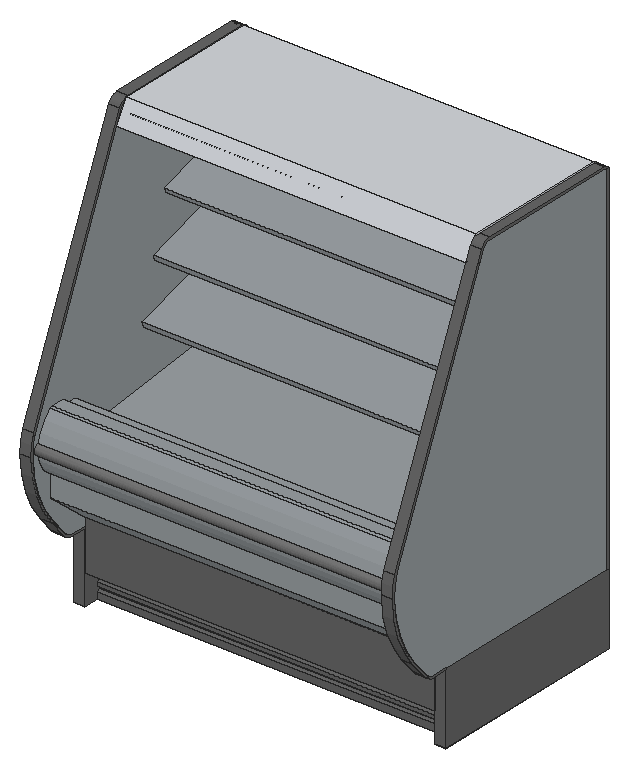
Revit family "ON3.5UM-NRG -All - Linked Data", category Mechanical Equipment, Revit 2019
Family settings
  Round Connector Dimension = Use Radius
  Part Type = Normal
  OmniClass Number = 23.40.40.11.17
  OmniClass Title = Refrigerated Cases
  Work Plane-Based = Yes
  Always vertical = Yes
  Cut with Voids When Loaded = No
  Shared = No
  Room Calculation Point = No
Parameters (values of type "04' Deli")
  Width = 35 7/8"  # constant formula
  URL = "http://www.hillphoenix.com/?s=on3.5um"
  TOP REFRIGERATION PIPING = yes
  TOP ELECTRICAL = yes
  TOEKICK [instance] = BLACK PAINTED METAL
  Standard Power Watts = 11.9 W
  Standard Power Amps = 0.1 A
  STAINLESS STEEL = GALVANIZED STEEL
  Refgn = 7 5/8"
  RT STD END = yes
  REFRIGERATION PIPING = COPPER PIPE
  RUBBER BUMPER [instance] = BLACK
  REAR REFRIGERATION PIPING = yes
  PAINTED METAL UPPER SHELF = PAINTED SHELVES
  PAINTED METAL INTERIOR [instance] = GALVANIZED STEEL
  PAINTED METAL EXTERIOR [instance] = CHARCOAL BROWN
  Model = "ON3.5UM-NRG"  # constant formula
  Manufacturer = "HILL PHOENIX"  # constant formula
  Lights Per Row = 1
  Light Length = "48\""
  Length = 48"
  Legend Number = Model  # "ON3.5UM-NRG"
  LF STD END = yes
  Keynote = ""  # constant formula
  Item Description = Description  # "Narrow Multi-Deck Merchandiser with Synerg-E™"
  Island Timed-Off Termination Temp (°F) = 42 °F  # constant formula
  Island Timed-Off Fail-Safe (Min) = "40 (Min)"  # constant formula
  Island Superheat @ Bulb Set Point (°F) = "6-8 (Min)"  # constant formula
  Island High Efficiency Fans Watts = 14 W
  Island High Efficiency Fans Amps = 0.2 A
  Island Front Sill Height = "All"
  Island Fans Per Case = 1
  Island Evaporator (°F) = 28 °F
  Island Discharge Air(°F) = 31 °F
  Island Discharge Air Velocity (FPM) = 260 FPM  # constant formula
  Island BTUH Parallel = 760
  Island BTUH Conventional = 820
  Island Application = "Dairy / Deli / Produce"
  Island  Case Length = 48"
  How Many Defrosts Per Day = 6  # constant formula
  High Power (Cornice) Watts = 21.5 W
  High Power (Cornice) Amps = 0.18 A
  Height = 53 5/8"  # constant formula
  GLASS = Glass
  EQUIPMENT MARK = Legend Number  # "ON3.5UM-NRG"
  EQUIPMENT DESCRIPTION = Item Description  # "Narrow Multi-Deck Merchandiser with Synerg-E™"
  Description = "Narrow Multi-Deck Merchandiser with Synerg-E™"  # constant formula
  Default Elevation = 48"
  DRAIN PIPING = yes
  DESIGNERS NAME = "SHIDDRAMESH"  # constant formula
  DATE = "04/01/2016"  # constant formula
  Certifications = "NSF 7, UL471, CSA"  # constant formula
  DRAIN LINE = 24"
  BOTTOM REFRIGERATION PIPING = yes
  BOTTOM ELECTRICAL = yes
  BASE [instance] = BLACK PAINTED METAL
  Assembly Code = ""
  16" Shelf = yes
  12" Shelf = yes
  10" Shelf = yes
Types (8): name | Standard Power Watts | Standard Power Amps | Refgn | Lights Per Row | Light Length | Length | Island High Efficiency Fans Watts | Island High Efficiency Fans Amps | Island Front Sill Height | Island Fans Per Case | Island Evaporator (°F) | Island Discharge Air(°F) | Island BTUH Parallel | Island BTUH Conventional | Island Application | Island  Case Length | High Power (Cornice) Watts | High Power (Cornice) Amps | DRAIN LINE
  04' Meat | 11.9 W | 0.1 A | 7 5/8" | 1 | "48\"" | 48" | 14 W | 0.2 A | "Extended" | 1 | 26 °F | 30 °F | 730 | 810 | "Meat" | 48" | 21.5 W | 0.18 A | 24"
  06' Meat | 16.6 W | 0.14 A | 8 5/8" | 2 | "36\"" | 72" | 28 W | 0.4 A | "Extended" | 2 | 26 °F | 30 °F | 730 | 810 | "Meat" | 72" | 29.8 W | 0.25 A | 36"
  08' Deli | 23.8 W | 0.2 A | 8 5/8" | 2 | "48\"" | 96" | 28 W | 0.4 A | "All" | 2 | 28 °F | 31 °F | 760 | 820 | "Dairy / Deli / Produce" | 96" | 43 W | 0.36 A | 48"
  12' Deli | 35.7 W | 0.3 A | 8 5/8" | 3 | "48\"" | 144" | 42 W | 0.6 A | "All" | 3 | 28 °F | 31 °F | 760 | 820 | "Dairy / Deli / Produce" | 144" | 64.5 W | 0.54 A | 72"
  12' Meat | 35.7 W | 0.3 A | 8 5/8" | 3 | "48\"" | 144" | 42 W | 0.6 A | "Extended" | 3 | 26 °F | 30 °F | 730 | 810 | "Meat" | 144" | 64.5 W | 0.54 A | 72"
  04' Deli | 11.9 W | 0.1 A | 7 5/8" | 1 | "48\"" | 48" | 14 W | 0.2 A | "All" | 1 | 28 °F | 31 °F | 760 | 820 | "Dairy / Deli / Produce" | 48" | 21.5 W | 0.18 A | 24"
  06' Deli | 16.6 W | 0.14 A | 8 5/8" | 2 | "36\"" | 72" | 28 W | 0.4 A | "All" | 2 | 28 °F | 31 °F | 760 | 820 | "Dairy / Deli / Produce" | 72" | 29.8 W | 0.25 A | 36"
  08' Meat | 23.8 W | 0.2 A | 8 5/8" | 2 | "48\"" | 96" | 28 W | 0.4 A | "Extended" | 2 | 26 °F | 30 °F | 760 | 810 | "Meat" | 96" | 43 W | 0.36 A | 48"
Reference planes (in)
  plane 1: z = 0.01963
  plane 2 "LEFT": x = 0
  plane 3 "CASE RIGHT": x = 48
  plane 4: z = 0
  plane 5: y = -15.80744
  plane 6: x = 49.5
  plane 7: x = 24
  plane 8: y = -51.68244
  plane 9: x = 41.875
  plane 10: z = 17.61909
  plane 11: through (-240, -50.14532, 24.02425) normal (0, 0.5, 0.866)
  plane 12: through (-240, -41.68072, 53.77823) normal (0, 0.5, 0.866)
Forms (in)
  Extrusion 1, solid, material "BLACK PAINTED METAL" <- "BASE"
    sketch origin (0, 0, 0) x (0, 1, 0) y (0, 0, 1)
      loop
        line (-15.80744, -5.25) -> (-15.80744, 5.75) -> (-40.18244, 5.75) -> (-40.18244, -5.25) -> (-38.29546, -5.25) -> (-38.29546, -1.23578) -> (-17.58744, -1.23578) -> (-17.58744, -5.25) -> (-15.80744, -5.25)
    from 0 to 48
  Extrusion 2, solid, material "CHARCOAL BROWN" <- "PAINTED METAL EXTERIOR"
    sketch origin (0, 0, 0.625) x (0, 1, 0) y (0, 0, 1)
      loop
        line (-17.85264, 50.40625) -> (-17.85264, 8.47315) -> (-35.86876, 7.84401) -> (-37.91586, 6.24207) -> (-40.26901, 6.1599) -> (-42.38838, 7.61472) -> (-42.63135, 7.60624) -> (-46.91613, 11.20159) -> (-46.91613, 15.37312) -> (-48.92433, 15.37312) -> (-48.92433, 10.07189) -> (-43.02886, 5.125) -> (-15.80744, 5.125) -> (-15.80744, 50.40625) -> (-17.85264, 50.40625)
    from 0 to 48
  Extrusion 3, solid, material "PAINTED SHELVES" <- "PAINTED METAL UPPER SHELF"
    sketch origin (0, 0, 0.625) x (0, 1, 0) y (0, 0, 1)
      loop
        line (-17.85264, 18.125) -> (-19.86713, 18.125) -> (-19.86713, 18.65532)
        arc (-19.86713, 18.65532) -> (-20.01589, 18.29619) -> (-20.37502, 18.14743) r 0.50789
        line (-20.37502, 18.14743) -> (-23.64229, 17.91896) -> (-23.64229, 18.125) -> (-39.74386, 16.19593) -> (-40.64855, 15.87312) -> (-44.74213, 15.87312) -> (-44.74213, 20.48987) -> (-46.91613, 20.48987) -> (-46.91613, 15.37312) -> (-46.91613, 11.20159) -> (-42.63135, 7.60624) -> (-42.38838, 7.61472) -> (-40.26901, 6.1599) -> (-37.91586, 6.24207) -> (-35.86876, 7.84401) -> (-17.85264, 8.47315) -> (-17.85264, 18.125)
    from 0 to 48
  Extrusion 4, solid, material "GALVANIZED STEEL" <- "STAINLESS STEEL"
    sketch origin (0, 0, 0.625) x (0, 1, 0) y (0, 0, 1)
      loop
        line (-17.85264, 50.40625) -> (-19.86713, 50.40625) -> (-19.86713, 18.125) -> (-17.85264, 18.125) -> (-17.85264, 50.40625)
    from 0 to 48
  Extrusion 5, solid, material "CHARCOAL BROWN" <- "PAINTED METAL EXTERIOR", visible <- "TOP REFRIGERATION PIPING"
    sketch origin (0, 0, 0) x (1, 0, 0) y (0, 1, 0)
      loop
        line (45, -15.80744) -> (45, -12.80744) -> (34, -12.80744) -> (34, -15.80744) -> (34.125, -15.80744) -> (34.125, -12.93244) -> (44.875, -12.93244) -> (44.875, -15.80744) -> (45, -15.80744)
    from 20.57529 to 48.54178
  Extrusion 6, solid, material "COPPER PIPE" <- "REFRIGERATION PIPING", visible <- "TOP REFRIGERATION PIPING"
    sketch origin (0, 0, 0) x (1, 0, 0) y (0, 1, 0)
      loop
        circle (40.125, -14.43244) r 0.375
      loop
        circle (43.125, -14.43244) r 0.5
    from 42.14545 to 49.48175
  Extrusion 7, solid, material "BLACK PAINTED METAL" <- "BASE"
    sketch origin (0, -10.26223, 0.57549) x (0, 1, 0) y (0, 0, 1)
      loop
        line (-29.92021, -5.82088) -> (-29.92021, 5.17451) -> (-32.77465, 5.17451) -> (-32.77465, -1.70662) -> (-30.20971, -1.70662) -> (-30.33735, -2.14331)
        arc (-30.33735, -2.14331) -> (-30.44381, -2.40033) -> (-30.70084, -2.50679) r 0.36349
        line (-30.70084, -2.50679) -> (-30.70084, -3.01978) -> (-30.20971, -2.926) -> (-30.33793, -3.36454)
        arc (-30.33793, -3.36454) -> (-30.44423, -3.62116) -> (-30.70084, -3.72745) r 0.3629
        line (-30.70084, -3.72745) -> (-30.70084, -4.23916) -> (-30.20971, -4.14538) -> (-30.33804, -4.58427)
        arc (-30.33804, -4.58427) -> (-30.45557, -4.79458) -> (-30.6529, -4.93278) r 0.5396
        line (-30.6529, -4.93278) -> (-30.6529, -5.82088) -> (-29.92021, -5.82088)
    from 0 to 48
  Extrusion 8, solid, material "CHARCOAL BROWN" <- "PAINTED METAL EXTERIOR"
    sketch origin (0, -14.20072, 0.57088) x (0, 1, 0) y (0, 0, 1)
      loop
        line (-32.63133, 21.30304) -> (-34.42533, 21.30304)
        arc (-34.42533, 21.30304) -> (-34.65339, 21.25995) -> (-34.84999, 21.13661) r 0.625
        arc (-34.84999, 21.13661) -> (-36.15747, 19.49787) -> (-36.92093, 17.54541) r 6.99854
        arc (-36.92093, 17.54541) -> (-36.68876, 15.5484) -> (-35.68878, 13.80428) r 5
        line (-35.68878, 13.80428) -> (-34.72361, 13.80428) -> (-34.72361, 15.42724) -> (-32.71541, 15.42724) -> (-32.71541, 20.54398) -> (-32.63133, 20.54398) -> (-32.63133, 21.30304)
    from 0 to 48
  Extrusion 9, solid, material "PAINTED SHELVES" <- "PAINTED METAL UPPER SHELF", visible <- "16" Shelf"
    sketch origin (0, 0, 16.88105) x (0, 1, 0) y (0, 0, 1)
      loop
        line (-19.86713, 12.55914) -> (-33.25539, 8.46593) -> (-33.05669, 7.81599) -> (-29.05803, 9.0385) -> (-28.8727, 8.82073) -> (-23.43598, 9.76521)
        arc (-23.43598, 9.76521) -> (-22.74409, 9.78813) -> (-22.07243, 9.62041) r 2.5
        line (-22.07243, 9.62041) -> (-21.23403, 9.28204)
        arc (-21.23403, 9.28204) -> (-20.89471, 9.20998) -> (-20.55118, 9.25817) r 1
        line (-20.55118, 9.25817) -> (-19.86713, 9.48009) -> (-19.86713, 12.55914)
    from 0 to 48
  Extrusion 10, solid, material "PAINTED SHELVES" <- "PAINTED METAL UPPER SHELF", visible <- "10" Shelf"
    sketch origin (0, 0, -5.63729) x (0, 1, 0) y (0, 0, 1)
      loop
        line (-19.86713, 38.76898) -> (-19.86713, 41.84803) -> (-31.34279, 38.33957) -> (-31.14408, 37.68962) -> (-29.05803, 38.32738) -> (-28.8727, 38.10961) -> (-23.43598, 39.0541)
        arc (-23.43598, 39.0541) -> (-22.74409, 39.07701) -> (-22.07243, 38.9093) r 2.5
        line (-22.07243, 38.9093) -> (-21.23403, 38.57093)
        arc (-21.23403, 38.57093) -> (-20.89471, 38.49886) -> (-20.55118, 38.54706) r 1
        line (-20.55118, 38.54706) -> (-19.86713, 38.76898)
    from 0 to 48
  Extrusion 11, solid, material "CHARCOAL BROWN" <- "PAINTED METAL EXTERIOR", visible <- "LF STD END"
    sketch origin (17.5, 0, 0) x (0, 1, 0) y (0, 0, 1)
      loop
        line (-15.43244, 4.5) -> (-15.43244, 53.43143)
        arc (-15.43244, 53.43143) -> (-15.56236, 53.74508) -> (-15.87601, 53.875) r 0.44357
        line (-15.87601, 53.875) -> (-35.57535, 53.875)
        arc (-35.57535, 53.875) -> (-36.2571, 53.67272) -> (-36.71821, 53.13134) r 1.25
        line (-36.71821, 53.13134) -> (-51.36968, 20.06124)
        arc (-51.36968, 20.06124) -> (-51.77621, 18.55509) -> (-51.9326, 17.0029) r 9.56933
        arc (-51.9326, 17.0029) -> (-51.00228, 12.02562) -> (-48.45558, 7.64919) r 14.86784
        line (-48.45558, 7.64919) -> (-46.48749, 5.30373)
        arc (-46.48749, 5.30373) -> (-45.9835, 4.85922) -> (-45.37071, 4.58337) r 2.25
        line (-45.37071, 4.58337) -> (-43.03688, 4.58337) -> (-43.03688, 4.5) -> (-15.43244, 4.5)
    from -17.5 to -19
  Extrusion 12, solid, material "BLACK PAINTED METAL" <- "BASE", visible <- "LF STD END"
    sketch origin (17.5, 0, 0) x (0, 1, 0) y (0, 0, 1)
      loop
        line (-46.48749, 5.30373) -> (-48.45558, 7.64919)
        arc (-48.45558, 7.64919) -> (-51.00228, 12.02562) -> (-51.9326, 17.0029) r 14.86784
        arc (-51.9326, 17.0029) -> (-51.77621, 18.55509) -> (-51.36968, 20.06124) r 9.56933
        line (-51.36968, 20.06124) -> (-36.71821, 53.13134)
        arc (-36.71821, 53.13134) -> (-36.2571, 53.67272) -> (-35.57535, 53.875) r 1.25
        line (-35.57535, 53.875) -> (-15.87601, 53.875)
        arc (-15.87601, 53.875) -> (-15.56236, 53.74508) -> (-15.43244, 53.43143) r 0.44357
        line (-15.43244, 53.43143) -> (-15.43244, 4.5) -> (-15.18244, 4.5) -> (-15.18244, 53.43143)
        arc (-15.18244, 53.43143) -> (-15.38558, 53.92186) -> (-15.87601, 54.125) r 0.69357
        line (-15.87601, 54.125) -> (-35.54112, 54.125)
        arc (-35.54112, 54.125) -> (-36.35923, 53.88226) -> (-36.91255, 53.2326) r 1.5
        line (-36.91255, 53.2326) -> (-51.71553, 19.82055)
        arc (-51.71553, 19.82055) -> (-52.05203, 18.42911) -> (-52.18263, 17.00353) r 9.81933
        arc (-52.18263, 17.00353) -> (-51.23732, 11.94041) -> (-48.64709, 7.4885) r 15.11784
        line (-48.64709, 7.4885) -> (-46.67901, 5.14303)
        arc (-46.67901, 5.14303) -> (-46.08957, 4.63043) -> (-45.37071, 4.32476) r 2.5
        line (-45.37071, 4.32476) -> (-43.03688, 4.32476) -> (-43.03688, 4.58337) -> (-45.37071, 4.58337)
        arc (-45.37071, 4.58337) -> (-45.9835, 4.85922) -> (-46.48749, 5.30373) r 2.25
    from -17.5 to -19
  Extrusion 13, solid, material "BLACK PAINTED METAL" <- "BASE", visible <- "LF STD END"
    sketch origin (17.5, 0, 0) x (0, 1, 0) y (0, 0, 1)
      loop
        line (-43.03688, 4.5) -> (-43.03688, -5.25) -> (-15.18244, -5.25) -> (-15.18244, 4.5) -> (-43.03688, 4.5)
    from -17.5 to -19
  Extrusion 14, solid, material "BLACK" <- "RUBBER BUMPER"
    sketch origin (0, -0.07513, 0.652) x (0, 1, 0) y (0, 0, 1)
      loop
        arc (-51.00355, 16.24808) -> (-51.06218, 16.85487) -> (-51.04652, 17.46429) r 5
        arc (-51.04652, 17.46429) -> (-51.02136, 17.57161) -> (-50.99451, 17.67851) r 6.99854
        arc (-50.99451, 17.67851) -> (-51.59848, 16.96708) -> (-51.00355, 16.24808) r 0.72641
    from 0 to 48
  Extrusion 15, solid, material "BLACK PAINTED METAL" <- "BASE", visible <- "RT STD END"
    sketch origin (132.5, 0, 0) x (0, 1, 0) y (0, 0, 1)
      loop
        line (-43.03688, 4.5) -> (-43.03688, -5.25) -> (-15.18244, -5.25) -> (-15.18244, 4.5) -> (-43.03688, 4.5)
    from -83 to -84.5
  Extrusion 16, solid, material "GALVANIZED STEEL" <- "PAINTED METAL INTERIOR"
    sketch origin (0, 10.01005, 43.90134) x (0, 0.553738, 0.832691) y (0, -0.832691, 0.553738)
      loop
        line (-15.12893, 38.67334) -> (-16.07147, 38.53772) -> (-15.47248, 34.58818) -> (-14.55997, 34.72658) -> (-15.12893, 38.67334)
    from 0 to 48
  Extrusion 17, solid
    sketch origin (0, 52.11633, -12.92766) x (0, 1, 0) y (0, 0, 1)
      loop
        line (-67.96897, 67.08391) -> (-88.09397, 67.08391) -> (-89.72402, 64.26057) -> (-89.45637, 64.10605) -> (-88.36998, 65.98773) -> (-87.4543, 65.98773) -> (-84.14499, 64.84824) -> (-83.1691, 64.67616) -> (-79.44441, 62.93931) -> (-78.96897, 63.95891) -> (-67.96897, 63.95891) -> (-67.96897, 67.08391)
      loop
        circle (-86.94344, 65.06764) r 0.5625
      loop
        circle (-85.56021, 64.56419) r 0.5625
    from 0 to 48
  Extrusion 18, solid, material "CHARCOAL BROWN" <- "PAINTED METAL EXTERIOR", visible <- "LF STD END"
    sketch origin (184.5, 0, 0) x (0, 1, 0) y (0, 0, 1)
      loop
        line (-15.43244, 4.5) -> (-15.43244, 53.43143)
        arc (-15.43244, 53.43143) -> (-15.56236, 53.74508) -> (-15.87601, 53.875) r 0.44357
        line (-15.87601, 53.875) -> (-35.57535, 53.875)
        arc (-35.57535, 53.875) -> (-36.2571, 53.67272) -> (-36.71821, 53.13134) r 1.25
        line (-36.71821, 53.13134) -> (-51.36968, 20.06124)
        arc (-51.36968, 20.06124) -> (-51.77621, 18.55509) -> (-51.9326, 17.0029) r 9.56933
        arc (-51.9326, 17.0029) -> (-51.00228, 12.02562) -> (-48.45558, 7.64919) r 14.86784
        line (-48.45558, 7.64919) -> (-46.48749, 5.30373)
        arc (-46.48749, 5.30373) -> (-45.9835, 4.85922) -> (-45.37071, 4.58337) r 2.25
        line (-45.37071, 4.58337) -> (-43.03688, 4.58337) -> (-43.03688, 4.5) -> (-15.43244, 4.5)
    from -135 to -136.5
  Extrusion 19, solid, material "BLACK PAINTED METAL" <- "BASE", visible <- "LF STD END"
    sketch origin (184.5, 0, 0) x (0, 1, 0) y (0, 0, 1)
      loop
        line (-46.48749, 5.30373) -> (-48.45558, 7.64919)
        arc (-48.45558, 7.64919) -> (-51.00228, 12.02562) -> (-51.9326, 17.0029) r 14.86784
        arc (-51.9326, 17.0029) -> (-51.77621, 18.55509) -> (-51.36968, 20.06124) r 9.56933
        line (-51.36968, 20.06124) -> (-36.71821, 53.13134)
        arc (-36.71821, 53.13134) -> (-36.2571, 53.67272) -> (-35.57535, 53.875) r 1.25
        line (-35.57535, 53.875) -> (-15.87601, 53.875)
        arc (-15.87601, 53.875) -> (-15.56236, 53.74508) -> (-15.43244, 53.43143) r 0.44357
        line (-15.43244, 53.43143) -> (-15.43244, 4.5) -> (-15.18244, 4.5) -> (-15.18244, 53.43143)
        arc (-15.18244, 53.43143) -> (-15.38558, 53.92186) -> (-15.87601, 54.125) r 0.69357
        line (-15.87601, 54.125) -> (-35.54112, 54.125)
        arc (-35.54112, 54.125) -> (-36.35923, 53.88226) -> (-36.91255, 53.2326) r 1.5
        line (-36.91255, 53.2326) -> (-51.71553, 19.82055)
        arc (-51.71553, 19.82055) -> (-52.05203, 18.42911) -> (-52.18263, 17.00353) r 9.81933
        arc (-52.18263, 17.00353) -> (-51.23732, 11.94041) -> (-48.64709, 7.4885) r 15.11784
        line (-48.64709, 7.4885) -> (-46.67901, 5.14303)
        arc (-46.67901, 5.14303) -> (-46.08957, 4.63043) -> (-45.37071, 4.32476) r 2.5
        line (-45.37071, 4.32476) -> (-43.03688, 4.32476) -> (-43.03688, 4.58337) -> (-45.37071, 4.58337)
        arc (-45.37071, 4.58337) -> (-45.9835, 4.85922) -> (-46.48749, 5.30373) r 2.25
    from -135 to -136.5
  Extrusion 20, solid, material "BLACK PAINTED METAL" <- "BASE", visible <- "LF STD END"
    sketch origin (184.5, 0, 0) x (0, 1, 0) y (0, 0, 1)
      loop
        line (-43.03688, 4.5) -> (-43.03688, -5.25) -> (-15.18244, -5.25) -> (-15.18244, 4.5) -> (-43.03688, 4.5)
    from -135 to -136.5
  Extrusion 21, solid, material "PAINTED SHELVES" <- "PAINTED METAL UPPER SHELF", visible <- "10" Shelf"
    sketch origin (0, 0.32683, -1.90156) x (0, 1, 0) y (0, 0, 1)
      loop
        arc (-23.76282, 42.20482) -> (-23.07092, 42.22773) -> (-22.39927, 42.06002) r 2.5
        line (-22.39927, 42.06002) -> (-21.56087, 41.72165)
        arc (-21.56087, 41.72165) -> (-21.22154, 41.64958) -> (-20.87802, 41.69778) r 1
        line (-20.87802, 41.69778) -> (-20.19396, 41.9197) -> (-20.19396, 44.99874) -> (-29.75701, 42.07503) -> (-29.5583, 41.42508) -> (-27.41839, 42.07931) -> (-27.16119, 41.77709) -> (-23.76282, 42.20482)
    from 0 to 48
Dimensions and locks (in)
  "Length": plane 2 "LEFT" to plane 3 "CASE RIGHT"
  "DRAIN LINE": plane 2 "LEFT" to plane 7
  locked: plane 3 "CASE RIGHT" to plane 6 at 1.5
  "Width": plane 5 to plane 8
  "Refgn": plane 9 to plane 6
  locked: Extrusion 19 to Extrusion 19 at 1.5
  locked: Extrusion 18 to Extrusion 18 at 1.5
  locked: Extrusion 20 to Extrusion 20 at 1.5
  Extrusion 1 to Extrusion 7 = 25.1077"
  Extrusion 1 to Extrusion 7 = 24 3/8"
  Extrusion 13 to Extrusion 8 = 27.12393"
  Extrusion 13 to plane 10 = 22.86909"
  Extrusion 4 to Extrusion 3 = 24 7/8"
  Extrusion 21 to Extrusion 21 = 10"
  Extrusion 4 to Extrusion 17 = 32 9/32"
  Extrusion 13 to Extrusion 17 = 59 13/32"
  Extrusion 13 to Extrusion 2 = 11"
  Extrusion 17 to Extrusion 17 = 21.75505"
  Extrusion 17 to Extrusion 17 = 20 1/8"
  plane 12 to plane 11 = 30"
  Extrusion 10 to Extrusion 10 = 12"
  Extrusion 9 to Extrusion 9 = 14"
  aligned and locked: plane 3 "CASE RIGHT" to Extrusion 4
  aligned and locked: plane 3 "CASE RIGHT" to Extrusion 3
  aligned and locked: plane 3 "CASE RIGHT" to Extrusion 2
  aligned and locked: plane 3 "CASE RIGHT" to Extrusion 1
  aligned and locked: Extrusion 8 to Extrusion 7
  aligned and locked: plane 3 "CASE RIGHT" to Extrusion 8
  aligned and locked: plane 3 "CASE RIGHT" to Extrusion 9
  aligned and locked: plane 3 "CASE RIGHT" to Extrusion 10
  aligned and locked: plane 3 "CASE RIGHT" to Extrusion 14
  aligned and locked: Extrusion 15 to plane 3 "CASE RIGHT"
  aligned and locked: plane 6 to Extrusion 15
  aligned and locked: plane 3 "CASE RIGHT" to Extrusion 17
  aligned and locked: Extrusion 19 to plane 3 "CASE RIGHT"
  aligned and locked: Extrusion 18 to plane 3 "CASE RIGHT"
  aligned and locked: Extrusion 20 to plane 3 "CASE RIGHT"
  aligned and locked: plane 3 "CASE RIGHT" to Extrusion 16
  aligned and locked: plane 3 "CASE RIGHT" to Extrusion 21
Automatic sketch dimensions
  Extrusion 1 sketch curve to plane 5 = 0"
  plane 5 to Extrusion 1 sketch curve = 1.78"
  Extrusion 1 sketch curve to level = 1.23578"
  Extrusion 1 sketch curve to plane 8 = 13.38698"
  Extrusion 1 sketch curve to Extrusion 1 sketch curve = 1.88698"
  Extrusion 1 sketch curve to Extrusion 1 sketch curve = 4.01422"  (x2)
  plane 1 to Extrusion 1 sketch curve = 5.73037"
  Extrusion 2 sketch curve to plane 5 = 0"
  plane 5 to Extrusion 2 sketch curve = 2.0452"
  Extrusion 2 sketch curve to plane 8 = 15.81368"
  plane 1 to Extrusion 2 sketch curve = 6.84744"
  Extrusion 2 sketch curve to Extrusion 2 sketch curve = 2.0471"
  Extrusion 2 sketch curve to Extrusion 2 sketch curve = 2.35315"
  Extrusion 2 sketch curve to Extrusion 2 sketch curve = 2.11937"
  Extrusion 2 sketch curve to Extrusion 2 sketch curve = 0.24297"
  Extrusion 2 sketch curve to Extrusion 2 sketch curve = 0.3975"
  Extrusion 2 sketch curve to plane 8 = 4.76631"
  Extrusion 2 sketch curve to Extrusion 2 sketch curve = 2.0082"
  Extrusion 2 sketch curve to Extrusion 2 sketch curve = 0.08217"
  plane 1 to Extrusion 2 sketch curve = 5.73037"
  Extrusion 2 sketch curve to Extrusion 2 sketch curve = 2.48124"
  Extrusion 2 sketch curve to Extrusion 2 sketch curve = 0.00848"
  Extrusion 2 sketch curve to Extrusion 2 sketch curve = 1.60194"
  Extrusion 2 sketch curve to Extrusion 2 sketch curve = 3.34815"
  Extrusion 2 sketch curve to Extrusion 2 sketch curve = 2.46565"
  Extrusion 2 sketch curve to Extrusion 2 sketch curve = 1.1297"
  Extrusion 2 sketch curve to Extrusion 2 sketch curve = 4.17153"
  Extrusion 3 sketch curve to plane 8 = 4.76631"
  Extrusion 3 sketch curve to Extrusion 3 sketch curve = 2.174"
  Extrusion 3 sketch curve to Extrusion 3 sketch curve = 4.28477"
  Extrusion 3 sketch curve to Extrusion 3 sketch curve = 0.24297"
  Extrusion 3 sketch curve to Extrusion 3 sketch curve = 4.09358"
  Extrusion 3 sketch curve to Extrusion 3 sketch curve = 2.11937"
  Extrusion 3 sketch curve to Extrusion 3 sketch curve = 0.90469"
  plane 1 to Extrusion 3 sketch curve = 6.84744"
  Extrusion 3 sketch curve to Extrusion 3 sketch curve = 2.35315"
  Extrusion 3 sketch curve to Extrusion 3 sketch curve = 2.0471"
  plane 5 to Extrusion 3 sketch curve = 7.83485"
  Extrusion 3 sketch curve to Extrusion 3 sketch curve = 3.26727"
  Extrusion 3 sketch curve to Extrusion 3 sketch curve = 0"  (x2)
  Extrusion 3 sketch curve to Extrusion 3 sketch curve = 0.50789"  (x2)
  plane 5 to Extrusion 3 sketch curve = 2.0452"
  Extrusion 3 sketch curve to Extrusion 3 sketch curve = 0.08217"
  Extrusion 3 sketch curve to Extrusion 3 sketch curve = 1.44634"
  Extrusion 3 sketch curve to Extrusion 3 sketch curve = 0.00848"
  Extrusion 3 sketch curve to Extrusion 3 sketch curve = 1.60194"
  plane 1 to Extrusion 3 sketch curve = 9.07852"
  Extrusion 3 sketch curve to Extrusion 3 sketch curve = 3.59535"
  Extrusion 3 sketch curve to Extrusion 3 sketch curve = 4.17153"
  Extrusion 3 sketch curve to Extrusion 3 sketch curve = 1/2"
  Extrusion 3 sketch curve to Extrusion 3 sketch curve = 0.32281"
  Extrusion 3 sketch curve to Extrusion 3 sketch curve = 9.65185"
  Extrusion 3 sketch curve to Extrusion 3 sketch curve = 0.20604"  (x2)
  Extrusion 3 sketch curve to Extrusion 3 sketch curve = 0.02243"
  Extrusion 3 sketch curve to Extrusion 3 sketch curve = 4.61675"
  plane 5 to Extrusion 4 sketch curve = 4.05969"
  plane 5 to Extrusion 4 sketch curve = 2.0452"
  plane 1 to Extrusion 4 sketch curve = 18.73037"
  plane 5 to Extrusion 5 sketch curve = 0"  (x2)
  Extrusion 5 sketch curve to plane 9 = 7 7/8"
  Extrusion 5 sketch curve to Extrusion 5 sketch curve = 1/8"  (x3)
  Extrusion 5 sketch curve to plane 3 "CASE RIGHT" = 3 1/8"
  Extrusion 5 sketch curve to plane 5 = 2 7/8"
  Extrusion 6 sketch curve to plane 9 = 1 3/4"
  plane 9 to Extrusion 6 sketch curve = 1 1/4"
  Extrusion 6 sketch curve to plane 5 = 1 3/8"  (x2)
  Extrusion 7 sketch curve to level = 1.13113"
  Extrusion 7 sketch curve to plane 8 = 8.64556"
  Extrusion 7 sketch curve to Extrusion 7 sketch curve = 1.91869"
  Extrusion 7 sketch curve to Extrusion 7 sketch curve = 2.07381"
  Extrusion 7 sketch curve to Extrusion 7 sketch curve = 0"
  Extrusion 7 sketch curve to Extrusion 7 sketch curve = 0.20305"
  Extrusion 7 sketch curve to level = 4.00878"
  Extrusion 7 sketch curve to Extrusion 7 sketch curve = 0.31486"
  Extrusion 7 sketch curve to level = 2 101/128"
  Extrusion 7 sketch curve to Extrusion 7 sketch curve = 0.3629"
  Extrusion 7 sketch curve to level = 1.56781"
  Extrusion 7 sketch curve to Extrusion 7 sketch curve = 0.36349"
  Extrusion 7 sketch curve to level = 2.35051"
  Extrusion 7 sketch curve to Extrusion 7 sketch curve = 0.12822"
  Extrusion 7 sketch curve to level = 3.56989"
  Extrusion 7 sketch curve to Extrusion 7 sketch curve = 0.12833"
  Extrusion 7 sketch curve to Extrusion 7 sketch curve = 0.12764"
  Extrusion 7 sketch curve to Extrusion 7 sketch curve = 2.85444"
  Extrusion 7 sketch curve to Extrusion 7 sketch curve = 0.3485"
  Extrusion 7 sketch curve to Extrusion 7 sketch curve = 0.88811"
  Extrusion 7 sketch curve to Extrusion 7 sketch curve = 0.19368"
  Extrusion 7 sketch curve to Extrusion 7 sketch curve = 0.34476"
  plane 1 to Extrusion 7 sketch curve = 5.73037"
  Extrusion 8 sketch curve to plane 8 = 1.79294"
  Extrusion 8 sketch curve to Extrusion 8 sketch curve = 0.96517"
  Extrusion 8 sketch curve to plane 8 = 3.05639"
  Extrusion 8 sketch curve to Extrusion 8 sketch curve = 1.70993"
  Extrusion 8 sketch curve to Extrusion 8 sketch curve = 0.08408"
  Extrusion 8 sketch curve to Extrusion 8 sketch curve = 0.7757"
  Extrusion 8 sketch curve to Extrusion 8 sketch curve = 1.84493"
  plane 1 to Extrusion 8 sketch curve = 14.35553"
  Extrusion 8 sketch curve to Extrusion 8 sketch curve = 1.62296"
  Extrusion 8 sketch curve to Extrusion 8 sketch curve = 0.57446"
  Extrusion 8 sketch curve to Extrusion 8 sketch curve = 1.68528"
  Extrusion 8 sketch curve to Extrusion 8 sketch curve = 3.43147"
  Extrusion 8 sketch curve to Extrusion 8 sketch curve = 0.13406"
  Extrusion 8 sketch curve to Extrusion 8 sketch curve = 0.75906"
  Extrusion 8 sketch curve to plane 8 = 0.56079"
  plane 5 to Extrusion 9 sketch curve = 17.44796"
  Extrusion 9 sketch curve to Extrusion 9 sketch curve = 0.19871"
  Extrusion 9 sketch curve to Extrusion 9 sketch curve = 3.99865"
  Extrusion 9 sketch curve to Extrusion 9 sketch curve = 0.18533"
  Extrusion 9 sketch curve to Extrusion 9 sketch curve = 5.43672"
  Extrusion 9 sketch curve to Extrusion 9 sketch curve = 0.4279"
  Extrusion 9 sketch curve to Extrusion 9 sketch curve = 1.36355"
  Extrusion 9 sketch curve to Extrusion 9 sketch curve = 0.8384"
  Extrusion 9 sketch curve to Extrusion 9 sketch curve = 0.37426"
  Extrusion 9 sketch curve to Extrusion 9 sketch curve = 0.68285"
  Extrusion 9 sketch curve to Extrusion 9 sketch curve = 0.99264"
  plane 1 to Extrusion 9 sketch curve = 24.16352"
  Extrusion 9 sketch curve to Extrusion 9 sketch curve = 0.51388"
  Extrusion 9 sketch curve to Extrusion 9 sketch curve = 0.64995"
  Extrusion 9 sketch curve to Extrusion 9 sketch curve = 0.21777"
  Extrusion 9 sketch curve to Extrusion 9 sketch curve = 1.95607"
  Extrusion 9 sketch curve to Extrusion 9 sketch curve = 0.02387"
  Extrusion 9 sketch curve to Extrusion 9 sketch curve = 0.22192"
  Extrusion 9 sketch curve to Extrusion 9 sketch curve = 0.33837"
  plane 5 to Extrusion 10 sketch curve = 15.53535"
  Extrusion 10 sketch curve to Extrusion 10 sketch curve = 0.19871"
  Extrusion 10 sketch curve to Extrusion 10 sketch curve = 2.08604"
  Extrusion 10 sketch curve to Extrusion 10 sketch curve = 0.18533"
  Extrusion 10 sketch curve to Extrusion 10 sketch curve = 5.43672"
  Extrusion 10 sketch curve to Extrusion 10 sketch curve = 0.4279"
  Extrusion 10 sketch curve to Extrusion 10 sketch curve = 1.36355"
  Extrusion 10 sketch curve to Extrusion 10 sketch curve = 0.8384"
  Extrusion 10 sketch curve to Extrusion 10 sketch curve = 0.37426"
  Extrusion 10 sketch curve to Extrusion 10 sketch curve = 0.68285"
  Extrusion 10 sketch curve to Extrusion 10 sketch curve = 0.99264"
  Extrusion 10 sketch curve to Extrusion 10 sketch curve = 1.09863"
  Extrusion 10 sketch curve to Extrusion 10 sketch curve = 0.42"
  Extrusion 10 sketch curve to Extrusion 10 sketch curve = 0.64995"
  Extrusion 10 sketch curve to Extrusion 10 sketch curve = 1.95607"
  Extrusion 10 sketch curve to Extrusion 10 sketch curve = 0.02387"
  Extrusion 10 sketch curve to Extrusion 10 sketch curve = 0.22192"
  Extrusion 10 sketch curve to Extrusion 10 sketch curve = 0.33837"
  Extrusion 11 sketch curve to plane 8 = 0.31275"
  Extrusion 11 sketch curve to plane 8 = 3.22686"
  Extrusion 11 sketch curve to Extrusion 11 sketch curve = 1.96808"
  Extrusion 11 sketch curve to Extrusion 11 sketch curve = 1.11679"
  Extrusion 11 sketch curve to Extrusion 11 sketch curve = 1.7236"
  Extrusion 11 sketch curve to Extrusion 11 sketch curve = 2.33383"
  Extrusion 11 sketch curve to plane 8 = 9.31747"
  Extrusion 11 sketch curve to Extrusion 11 sketch curve = 5.29882"
  Extrusion 11 sketch curve to plane 8 = 14.96423"
  Extrusion 11 sketch curve to Extrusion 11 sketch curve = 1.14286"
  plane 5 to Extrusion 11 sketch curve = 0.06857"
  Extrusion 11 sketch curve to plane 5 = 3/8"
  plane 1 to Extrusion 11 sketch curve = 20.04161"
  Extrusion 11 sketch curve to Extrusion 11 sketch curve = 2.85518"
  Extrusion 11 sketch curve to Extrusion 11 sketch curve = 0.3832"
  level to Extrusion 11 sketch curve = 7.64919"
  Extrusion 11 sketch curve to Extrusion 11 sketch curve = 0.89919"
  Extrusion 11 sketch curve to Extrusion 11 sketch curve = 1.44627"
  plane 1 to Extrusion 11 sketch curve = 4.48037"
  Extrusion 12 sketch curve to Extrusion 12 sketch curve = 0"  (x11)
  plane 8 to Extrusion 12 sketch curve = 0.03309"
  Extrusion 12 sketch curve to plane 8 = 0.31275"
  Extrusion 12 sketch curve to plane 8 = 3.03535"
  Extrusion 12 sketch curve to Extrusion 12 sketch curve = 0.19151"  (x2)
  Extrusion 12 sketch curve to Extrusion 12 sketch curve = 1.96808"
  Extrusion 12 sketch curve to Extrusion 12 sketch curve = 1.11679"
  Extrusion 12 sketch curve to Extrusion 12 sketch curve = 1.7236"
  Extrusion 12 sketch curve to Extrusion 12 sketch curve = 2.33383"
  Extrusion 12 sketch curve to plane 8 = 9.31747"
  Extrusion 12 sketch curve to Extrusion 12 sketch curve = 5.29882"
  Extrusion 12 sketch curve to plane 8 = 14.76989"
  Extrusion 12 sketch curve to Extrusion 12 sketch curve = 0.19435"
  Extrusion 12 sketch curve to Extrusion 12 sketch curve = 1.14286"
  Extrusion 12 sketch curve to Extrusion 12 sketch curve = 0.03423"
  plane 5 to Extrusion 12 sketch curve = 0.06857"
  Extrusion 12 sketch curve to Extrusion 12 sketch curve = 1/4"
  plane 1 to Extrusion 12 sketch curve = 20.04161"
  Extrusion 12 sketch curve to Extrusion 12 sketch curve = 0.24069"
  Extrusion 12 sketch curve to Extrusion 12 sketch curve = 2.85518"
  Extrusion 12 sketch curve to Extrusion 12 sketch curve = 0.3832"
  level to Extrusion 12 sketch curve = 7.64919"
  Extrusion 12 sketch curve to Extrusion 12 sketch curve = 0.1607"  (x2)
  Extrusion 12 sketch curve to Extrusion 12 sketch curve = 0.89919"
  Extrusion 12 sketch curve to Extrusion 12 sketch curve = 1.44627"
  plane 1 to Extrusion 12 sketch curve = 4.48037"
  Extrusion 13 sketch curve to plane 8 = 8.64556"
  Extrusion 13 sketch curve to plane 5 = 5/8"
  Extrusion 13 sketch curve to level = 5 1/4"
  plane 1 to Extrusion 13 sketch curve = 4.48037"
  Extrusion 14 sketch curve to plane 8 = 0.73522"
  Extrusion 14 sketch curve to Extrusion 14 sketch curve = 4.80679"
  Extrusion 14 sketch curve to Extrusion 14 sketch curve = 1.84493"
  plane 1 to Extrusion 14 sketch curve = 16.55295"
  Extrusion 14 sketch curve to Extrusion 14 sketch curve = 1.04191"
  Extrusion 14 sketch curve to Extrusion 14 sketch curve = 1.11082"
  Extrusion 14 sketch curve to plane 8 = 0.61279"
  Extrusion 14 sketch curve to plane 8 = 0.60375"
  Extrusion 14 sketch curve to Extrusion 14 sketch curve = 0.052"
  Extrusion 15 sketch curve to plane 8 = 8.64556"
  Extrusion 15 sketch curve to plane 5 = 5/8"
  Extrusion 15 sketch curve to level = 5 1/4"
  plane 1 to Extrusion 15 sketch curve = 4.48037"
  plane 5 to Extrusion 16 sketch curve = 15.17191"
  Extrusion 16 sketch curve to Extrusion 16 sketch curve = 0.59899"
  Extrusion 16 sketch curve to Extrusion 16 sketch curve = 0.94253"
  Extrusion 16 sketch curve to Extrusion 16 sketch curve = 0.91251"
  Extrusion 16 sketch curve to Extrusion 16 sketch curve = 3.81115"
  Extrusion 16 sketch curve to Extrusion 16 sketch curve = 0.13562"
  Extrusion 17 sketch curve to Extrusion 17 sketch curve = 0"  (x6)
  Extrusion 17 sketch curve to plane 8 = 14.07475"
  Extrusion 17 sketch curve to Extrusion 17 sketch curve = 0.26765"
  Extrusion 17 sketch curve to Extrusion 17 sketch curve = 0.91568"
  Extrusion 17 sketch curve to Extrusion 17 sketch curve = 0.51086"
  Extrusion 17 sketch curve to Extrusion 17 sketch curve = 1.38323"
  Extrusion 17 sketch curve to Extrusion 17 sketch curve = 1.41523"
  Extrusion 17 sketch curve to Extrusion 17 sketch curve = 0.97589"
  Extrusion 17 sketch curve to Extrusion 17 sketch curve = 3.72468"
  Extrusion 17 sketch curve to Extrusion 17 sketch curve = 0.47545"
  plane 5 to Extrusion 17 sketch curve = 0.0452"
  Extrusion 17 sketch curve to Extrusion 17 sketch curve = 0.28405"
  Extrusion 17 sketch curve to Extrusion 17 sketch curve = 0.92009"
  Extrusion 17 sketch curve to Extrusion 17 sketch curve = 0.52858"  (x3)
  Extrusion 17 sketch curve to Extrusion 17 sketch curve = 0.32607"
  Extrusion 17 sketch curve to Extrusion 17 sketch curve = 0.19239"
  Extrusion 17 sketch curve to Extrusion 17 sketch curve = 0.11868"
  Extrusion 18 sketch curve to plane 8 = 0.31275"
  Extrusion 18 sketch curve to plane 8 = 3.22686"
  Extrusion 18 sketch curve to Extrusion 18 sketch curve = 1.96808"
  Extrusion 18 sketch curve to Extrusion 18 sketch curve = 1.11679"
  Extrusion 18 sketch curve to Extrusion 18 sketch curve = 1.7236"
  Extrusion 18 sketch curve to Extrusion 18 sketch curve = 2.33383"
  Extrusion 18 sketch curve to plane 8 = 9.31747"
  Extrusion 18 sketch curve to Extrusion 18 sketch curve = 5.29882"
  Extrusion 18 sketch curve to plane 8 = 14.96423"
  Extrusion 18 sketch curve to Extrusion 18 sketch curve = 1.14286"
  plane 5 to Extrusion 18 sketch curve = 0.06857"
  Extrusion 18 sketch curve to plane 5 = 3/8"
  plane 1 to Extrusion 18 sketch curve = 20.04161"
  Extrusion 18 sketch curve to Extrusion 18 sketch curve = 2.85518"
  Extrusion 18 sketch curve to Extrusion 18 sketch curve = 0.3832"
  level to Extrusion 18 sketch curve = 7.64919"
  Extrusion 18 sketch curve to Extrusion 18 sketch curve = 0.89919"
  Extrusion 18 sketch curve to Extrusion 18 sketch curve = 1.44627"
  plane 1 to Extrusion 18 sketch curve = 4.48037"
  Extrusion 19 sketch curve to Extrusion 19 sketch curve = 0"  (x11)
  plane 8 to Extrusion 19 sketch curve = 0.03309"
  Extrusion 19 sketch curve to plane 8 = 0.31275"
  Extrusion 19 sketch curve to plane 8 = 3.03535"
  Extrusion 19 sketch curve to Extrusion 19 sketch curve = 0.19151"  (x2)
  Extrusion 19 sketch curve to Extrusion 19 sketch curve = 1.96808"
  Extrusion 19 sketch curve to Extrusion 19 sketch curve = 1.11679"
  Extrusion 19 sketch curve to Extrusion 19 sketch curve = 1.7236"
  Extrusion 19 sketch curve to Extrusion 19 sketch curve = 2.33383"
  Extrusion 19 sketch curve to plane 8 = 9.31747"
  Extrusion 19 sketch curve to Extrusion 19 sketch curve = 5.29882"
  Extrusion 19 sketch curve to plane 8 = 14.76989"
  Extrusion 19 sketch curve to Extrusion 19 sketch curve = 0.19435"
  Extrusion 19 sketch curve to Extrusion 19 sketch curve = 1.14286"
  Extrusion 19 sketch curve to Extrusion 19 sketch curve = 0.03423"
  plane 5 to Extrusion 19 sketch curve = 0.06857"
  Extrusion 19 sketch curve to Extrusion 19 sketch curve = 1/4"
  plane 1 to Extrusion 19 sketch curve = 20.04161"
  Extrusion 19 sketch curve to Extrusion 19 sketch curve = 0.24069"
  Extrusion 19 sketch curve to Extrusion 19 sketch curve = 2.85518"
  Extrusion 19 sketch curve to Extrusion 19 sketch curve = 0.3832"
  level to Extrusion 19 sketch curve = 7.64919"
  Extrusion 19 sketch curve to Extrusion 19 sketch curve = 0.1607"  (x2)
  Extrusion 19 sketch curve to Extrusion 19 sketch curve = 0.89919"
  Extrusion 19 sketch curve to Extrusion 19 sketch curve = 1.44627"
  plane 1 to Extrusion 19 sketch curve = 4.48037"
  Extrusion 20 sketch curve to plane 8 = 8.64556"
  Extrusion 20 sketch curve to plane 5 = 5/8"
  Extrusion 20 sketch curve to level = 5 1/4"
  plane 1 to Extrusion 20 sketch curve = 4.48037"
  Extrusion 21 sketch curve to Extrusion 21 sketch curve = 0.25721"
  plane 5 to Extrusion 21 sketch curve = 4.05969"
  Extrusion 21 sketch curve to Extrusion 21 sketch curve = 0.29794"
  Extrusion 21 sketch curve to Extrusion 21 sketch curve = 0.42773"
  Extrusion 21 sketch curve to Extrusion 21 sketch curve = 2.79393"
  Extrusion 21 sketch curve to Extrusion 21 sketch curve = 0.30223"
  Extrusion 21 sketch curve to Extrusion 21 sketch curve = 0.19871"
  Extrusion 21 sketch curve to Extrusion 21 sketch curve = 0.64995"
  Extrusion 21 sketch curve to Extrusion 21 sketch curve = 0.4279"
  Extrusion 21 sketch curve to Extrusion 21 sketch curve = 2.46311"
  Extrusion 21 sketch curve to Extrusion 21 sketch curve = 1.36355"
  Extrusion 21 sketch curve to Extrusion 21 sketch curve = 0.8384"
  Extrusion 21 sketch curve to Extrusion 21 sketch curve = 0.33837"
  Extrusion 21 sketch curve to Extrusion 21 sketch curve = 0.37426"
  Extrusion 21 sketch curve to Extrusion 21 sketch curve = 0.92732"
  Extrusion 21 sketch curve to Extrusion 21 sketch curve = 0.68285"
  Extrusion 21 sketch curve to Extrusion 21 sketch curve = 0.68406"
  Extrusion 21 sketch curve to Extrusion 21 sketch curve = 0.22192"
  plane 10 to Extrusion 2 sketch curve = 33.41216"
  Extrusion 4 sketch curve to Extrusion 4 sketch curve = 32 9/32"
  plane 10 to Extrusion 10 sketch curve = 13.33461"
  plane 10 to Extrusion 11 sketch curve = 35.00591"
  Extrusion 11 sketch curve to Extrusion 11 sketch curve = 0.50634"
  Extrusion 12 sketch curve to plane 5 = 3/8"
  plane 10 to Extrusion 12 sketch curve = 35.00591"
  Extrusion 12 sketch curve to Extrusion 12 sketch curve = 0.50634"
  plane 12 to Extrusion 16 sketch curve = 3.6882"
  Extrusion 17 sketch curve to Extrusion 17 sketch curve = 1.08639"
  Extrusion 17 sketch curve to Extrusion 17 sketch curve = 0.27601"
  level to Extrusion 17 sketch curve = 50.01165"
  Extrusion 17 sketch curve to Extrusion 17 sketch curve = 1.0196"
  Extrusion 17 sketch curve to Extrusion 17 sketch curve = 0.57012"
  Extrusion 17 sketch curve to Extrusion 17 sketch curve = 0.15453"
  Extrusion 17 sketch curve to Extrusion 17 sketch curve = 0.50345"
  plane 10 to Extrusion 18 sketch curve = 35.00591"
  Extrusion 18 sketch curve to Extrusion 18 sketch curve = 0.50634"
  Extrusion 19 sketch curve to plane 5 = 3/8"
  plane 10 to Extrusion 19 sketch curve = 35.00591"
  Extrusion 19 sketch curve to Extrusion 19 sketch curve = 0.50634"
  plane 10 to Extrusion 21 sketch curve = 20.22106"
  radius of Extrusion 6 sketch curve = 3/8"
  radius of Extrusion 6 sketch curve = 1/2"
Connectors (in)
  piping at (43.125, -14.43244, 49.48175), diameter 0.5
    settings: on Extrusion 6, index 10, connector inside diameter 1/2", connector length 0", flow factor 0, pipe flow 0 GPM, pressure drop 0.00 psi, fitting loss kfactor 0, connector angle 0.000°, fixture units 0, engagement length 0", angle of deflection 0.000°, flow configuration 0, flow direction 2, fitting loss method 0, system type 7, joint type 0, gender type 0, connector reference index -1, connector utility 0, adjustable connector no, is connector primary yes, connector description "SUCTION LINE CONNECTION"
  piping at (40.125, -14.43244, 49.48175), diameter 0.375
    settings: on Extrusion 6, index 11, connector inside diameter 3/8", connector length 0", flow factor 0, pipe flow 0 GPM, pressure drop 0.00 psi, fitting loss kfactor 0, connector angle 0.000°, fixture units 0, engagement length 0", angle of deflection 0.000°, flow configuration 0, flow direction 1, fitting loss method 0, system type 8, joint type 0, gender type 0, connector reference index -1, connector utility 0, adjustable connector no, is connector primary no, connector description "LIQUID LINE CONNECTION"
